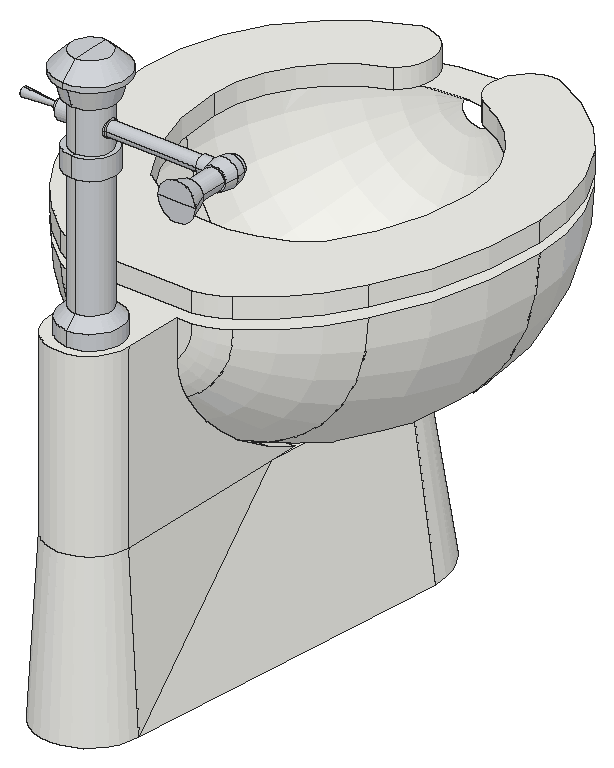
Revit family
Parameters (values of type "17" Seat Height")
  CL W/C = 1' - 6"
  Assembly Code = "D2010110"
  Mounting Height = 1' - 5"
  Piping Material = Metal - Steel, Polished
  Toilet - Bowl Material = Porcelain - Ivory
  Toilet - Seat Material = Laminate - Ivory,Matte
Reference planes (in)
  plane 1: y = 0
  plane 2 "Center L/R": x = 15.94107
  plane 3 "Back": y = 2
  plane 4: y = 31
  plane 5 "Top of Bowl": z = 17.5
  plane 6 "Top of Seat": z = 19
  plane 7: z = 34.75
  plane 8: z = 36
  plane 9: z = 39
  plane 10: z = 57
  plane 11: y = 14
  plane 12: y = 5
  plane 13: z = 7.59282
Forms (in)
  Revolve 1, solid, material "Porcelain - Ivory" <- "Toilet - Bowl Material"
    sketch origin (0, 0, 17.5) x (1, 0, 0) y (0, 1, 0)
      loop
        arc (25.94107, 21) -> (23.01214, 28.07107) -> (15.94107, 31) r 10
        line (15.94107, 31) -> (15.94107, 29)
        arc (15.94107, 29) -> (21.59792, 26.65685) -> (23.94107, 21) r 8
        arc (23.94107, 21) -> (23.47864, 17.23384) -> (22.11884, 13.69143) r 15.56765
        arc (22.11884, 13.69143) -> (20.82437, 11.81481) -> (19.13571, 10.28321) r 9.92133
        arc (19.13571, 10.28321) -> (18.85596, 10.1212) -> (18.55031, 10.0159) r 1.67623
        line (18.55031, 10.0159) -> (15.94107, 10.0159) -> (15.94107, 8.0159) -> (18.74036, 8.0159)
        arc (18.74036, 8.0159) -> (19.55758, 8.24589) -> (20.30025, 8.65722) r 3.67623
        arc (20.30025, 8.65722) -> (22.32932, 10.49756) -> (23.88473, 12.75249) r 11.92133
        arc (23.88473, 12.75249) -> (25.41923, 16.75) -> (25.94107, 21) r 17.56765
      axis (15.94107, 31) -> (15.94107, 8.0159)
    angle from 0 to 180
  Extrusion 2, solid, material "Laminate - Ivory,Matte" <- "Toilet - Seat Material"
    sketch origin (0, 0, 0) x (1, 0, 0) y (0, 1, 0)
      loop
        arc (13.68332, 27.09529) -> (14.31211, 29.1944) -> (12.46762, 30.37737) r 1.82051
        arc (12.46762, 30.37737) -> (7.73331, 26.71251) -> (5.94107, 21) r 10
        arc (5.94107, 21) -> (6.4629, 16.75) -> (7.99741, 12.75249) r 17.56765
        arc (7.99741, 12.75249) -> (9.55282, 10.49756) -> (11.58189, 8.65722) r 11.92133
        arc (11.58189, 8.65722) -> (12.32456, 8.24589) -> (13.14177, 8.0159) r 3.67623
        line (13.14177, 8.0159) -> (18.74036, 8.0159)
        arc (18.74036, 8.0159) -> (19.55758, 8.24589) -> (20.30025, 8.65722) r 3.67623
        arc (20.30025, 8.65722) -> (22.32932, 10.49756) -> (23.88473, 12.75249) r 11.92133
        arc (23.88473, 12.75249) -> (25.41923, 16.75) -> (25.94107, 21) r 17.56765
        arc (25.94107, 21) -> (24.14883, 26.71251) -> (19.41452, 30.37737) r 10
        arc (19.41452, 30.37737) -> (17.57002, 29.1944) -> (18.19881, 27.09529) r 1.82051
        arc (18.19881, 27.09529) -> (21.27611, 24.71313) -> (22.44107, 21) r 6.5
        arc (22.44107, 21) -> (21.88994, 17.49449) -> (20.28972, 14.32721) r 11.42407
        arc (20.28972, 14.32721) -> (15.94107, 12.74468) -> (11.59242, 14.32721) r 6.7661
        arc (11.59242, 14.32721) -> (9.9922, 17.49449) -> (9.44107, 21) r 11.42407
        arc (9.44107, 21) -> (10.60603, 24.71313) -> (13.68332, 27.09529) r 6.5
    from 18 to 19
  Blend 3, solid, material "Porcelain - Ivory" <- "Toilet - Bowl Material"
    base sketch origin (0, 0, 0) x (1, 0, 0) y (0, 1, 0)
      loop
        line (11.94107, 21.93567) -> (13.44107, 5)
        arc (13.44107, 5) -> (15.94107, 2.5) -> (18.44107, 5) r 2.5
        line (18.44107, 5) -> (19.94107, 21.93567)
        arc (19.94107, 21.93567) -> (15.94107, 25.93567) -> (11.94107, 21.93567) r 4
    top sketch origin (0, 0, 0) x (1, 0, 0) y (0, 1, 0)
      loop
        arc (13.94118, 5.02089) -> (15.94106, 3) -> (17.94096, 5.02087) r 2
        line (17.94096, 5.02087) -> (17.94096, 14) -> (18.64383, 21.93567)
        arc (18.64383, 21.93567) -> (15.94107, 24.63842) -> (13.23831, 21.93567) r 2.70276
        line (13.23831, 21.93567) -> (13.94118, 14) -> (13.94118, 5.02089)
    from 0 to 8.40106
  Extrusion 4, solid, material "Porcelain - Ivory" <- "Toilet - Bowl Material"
    sketch origin (0, 0, 0) x (1, 0, 0) y (0, 1, 0)
      loop
        arc (13.94118, 5.02089) -> (15.94106, 3) -> (17.94096, 5.02087) r 2
        line (17.94096, 5.02087) -> (17.94096, 8.0159) -> (13.94118, 8.0159) -> (13.94118, 5.02089)
    from 7.59282 to 17.5
  Extrusion 5, solid, material "Porcelain - Ivory" <- "Toilet - Bowl Material"
    sketch origin (15.94107, 0, 0) x (0, -1, 0) y (0, 0, 1)
      loop
        line (-8.0159, 17.5) -> (-8.33656, 17.5)
        arc (-8.33656, 17.5) -> (-8.43094, 15.32731) -> (-8.94018, 13.21304) r 11.28881
        arc (-8.94018, 13.21304) -> (-11.19895, 10.78592) -> (-14, 9.01191) r 12.94973
        arc (-14, 9.01191) -> (-17.12385, 7.95184) -> (-20.40306, 7.59282) r 15.15512
        line (-20.40306, 7.59282) -> (-8.0159, 7.59282) -> (-8.0159, 17.5)
    from -1.99989 to 1.99989
  Revolve 6, solid
    sketch origin (16.02382, 2, 7.5) x (0, 1, 0) y (0, 0, -1)
      loop
        line (4.5, -10) -> (3, -10) -> (3, -22.85687) -> (3.96967, -22.85687) -> (4.75, -22.07654) -> (4.75, -21.82654) -> (4.5, -21.82654) -> (4.21967, -20.78033) -> (3.96967, -20.78033) -> (3.96967, -18.53033) -> (4.21967, -18.53033) -> (4.21967, -17.53033) -> (3.96967, -17.53033) -> (3.96967, -11.28033) -> (4.5, -10.75) -> (4.5, -10)
      axis (3, -10) -> (3, -22.85687)
    angle from 0 to 360
  Revolve 7, solid
    sketch origin (75.54672, 5, 10.25) x (1, 0, 0) y (0, 0, -1)
      loop
        line (-60.19234, -17.50197) -> (-60.19234, -16.97581) -> (-62.96486, -16.97581) -> (-62.96486, -17.15039) -> (-62.91665, -17.1986) -> (-61.28578, -17.08456) -> (-61.19234, -17.08456) -> (-61.19234, -17.25197) -> (-60.94234, -17.25197) -> (-60.94234, -17.50197) -> (-60.19234, -17.50197)
      axis (-60.19234, -16.97581) -> (-62.96486, -16.97581)
    angle from 0 to 360
  Revolve 8, solid
    sketch origin (15.54672, -3.17113, 27.11833) x (0, 1, 0) y (-1, 0, 0)
      loop
        line (5.17113, -7.22711) -> (8.92113, -7.22711) -> (8.92113, -6.72711) -> (8.67113, -6.72711) -> (8.67113, -6.61776) -> (8.17113, -6.5296) -> (7.52889, -6.64284) -> (7.52889, -6.72711) -> (6.03452, -6.72711) -> (6.03452, -6.5873) -> (5.17113, -6.27305) -> (5.17113, -7.22711)
      axis (8.92113, -7.22711) -> (5.17113, -7.22711)
    angle from 0 to 360
  Revolve 9, solid
    sketch origin (15.54672, -3, 27.11833) x (0, 1, 0) y (-1, 0, 0)
      loop
        line (8, -0.87925) -> (8, -6.72711) -> (8.41634, -6.72711) -> (8.41634, -6.12442) -> (8.3608, -6.12442) -> (8.3608, -1.5025) -> (8.41634, -1.5025) -> (8.41634, -0.87925) -> (8, -0.87925)
      axis (8, -6.72711) -> (8, -0.87925)
    angle from 0 to 360
Cuts and joins
  joined: Revolve 1, Blend 3, Extrusion 4, Extrusion 5
Lines and regions (in)
  Masking region 1
    outline origin (0, 0, 17.5) x (1, 0, 0) y (0, 1, 0)
      loop
        arc (25.94107, 21) -> (23.01214, 28.07107) -> (15.94107, 31) r 10
        arc (15.94107, 31) -> (8.87, 28.07107) -> (5.94107, 21) r 10
        arc (5.94107, 21) -> (6.4629, 16.75) -> (7.99741, 12.75249) r 17.56765
        arc (7.99741, 12.75249) -> (9.55282, 10.49756) -> (11.58189, 8.65722) r 11.92133
        arc (11.58189, 8.65722) -> (12.32456, 8.24589) -> (13.14177, 8.0159) r 3.67623
        line (13.14177, 8.0159) -> (13.94118, 8.0159) -> (13.94118, 5.02089)
        arc (13.94118, 5.02089) -> (15.94106, 3) -> (17.94096, 5.02087) r 2
        line (17.94096, 5.02087) -> (17.94096, 8.0159) -> (18.74036, 8.0159)
        arc (18.74036, 8.0159) -> (19.55758, 8.24589) -> (20.30025, 8.65722) r 3.67623
        arc (20.30025, 8.65722) -> (22.32932, 10.49756) -> (23.88473, 12.75249) r 11.92133
        arc (23.88473, 12.75249) -> (25.41923, 16.75) -> (25.94107, 21) r 17.56765
  Masking region 2
    outline origin (15.94107, 0, 0) x (0, -1, 0) y (0, 0, 1)
      loop
        arc (-31, 17.5) -> (-29.29265, 11.92714) -> (-24.77977, 8.23856) r 10.05209
        line (-24.77977, 8.23856) -> (-25.93567, 0) -> (-2.5, 0) -> (-3, 8.40106) -> (-3, 17.5) -> (-8.0159, 17.5) -> (-8.0159, 18.5)
        arc (-8.0159, 18.5) -> (-8.16234, 18.85355) -> (-8.5159, 19) r 0.5
        line (-8.5159, 19) -> (-29.87737, 19)
        arc (-29.87737, 19) -> (-30.23093, 18.85355) -> (-30.37737, 18.5) r 0.5
        line (-30.37737, 18.5) -> (-30.37737, 18) -> (-30.37737, 17.5) -> (-31, 17.5)
  Masking region 3
    outline origin (0, 2, 0) x (1, 0, 0) y (0, 0, 1)
      loop
        line (19.94107, 0) -> (18.80783, 7.47368)
        arc (18.80783, 7.47368) -> (23.99864, 11.33785) -> (25.97452, 17.5) r 10.59684
        line (25.97452, 17.5) -> (20.71798, 17.5) -> (20.71798, 18) -> (25.94107, 18) -> (25.94107, 18.5)
        arc (25.94107, 18.5) -> (25.79462, 18.85355) -> (25.44107, 19) r 0.5
        line (25.44107, 19) -> (6.44107, 19)
        arc (6.44107, 19) -> (6.08752, 18.85355) -> (5.94107, 18.5) r 0.5
        line (5.94107, 18.5) -> (5.94107, 18) -> (11.16416, 18) -> (11.16416, 17.5) -> (5.95365, 17.5)
        arc (5.95365, 17.5) -> (7.746, 11.28875) -> (12.97977, 7.49403) r 9.93839
        line (12.97977, 7.49403) -> (11.94107, 0) -> (19.94107, 0)
  symbolic lines
    curve 1: arc (13.68332, 27.09529, 0) -> (10.60603, 24.71313, 0) -> (9.44107, 21, 0) r 6.5
    curve 2: arc (22.44107, 21, 0) -> (21.27611, 24.71313, 0) -> (18.19881, 27.09529, 0) r 6.5
    curve 3: arc (18.19881, 27.09529, 0) -> (17.57002, 29.1944, 0) -> (19.41452, 30.37737, 0) r 1.82051
    curve 4: arc (13.68332, 27.09529, 0) -> (14.31211, 29.1944, 0) -> (12.46762, 30.37737, 0) r 1.82051
    curve 5: arc (20.28972, 14.32721, 0) -> (15.94107, 12.74468, 0) -> (11.59242, 14.32721, 0) r 6.7661
    curve 6: arc (9.44107, 21, 0) -> (9.9922, 17.49449, 0) -> (11.59242, 14.32721, 0) r 11.42407
    curve 7: arc (22.44107, 21, 0) -> (21.88994, 17.49449, 0) -> (20.28972, 14.32721, 0) r 11.42407
    curve 8: arc (14.40244, 28.85065, 0) -> (15.94107, 29, 0) -> (17.47969, 28.85065, 0) r 8
    curve 9: line (13.94118, 8.0159, 0) -> (17.94096, 8.0159, 0)
    curve 10: line (15.94107, 30.38256, 18) -> (15.94107, 8.0159, 18)
    curve 11: line (15.94107, 30.37737, 17.5) -> (15.94107, 8.0159, 17.5)
    curve 12: arc (15.94107, 24.77977, 8.23856) -> (15.94107, 19.31861, 7.63167) -> (15.94107, 14, 9.01191) r 15.15512
    curve 13: arc (15.94107, 14, 9.01191) -> (15.94107, 11.00771, 10.94785) -> (15.94107, 8.65647, 13.62617) r 12.94973
    curve 14: arc (15.94107, 8.65647, 13.62617) -> (15.94107, 7.92483, 15.49506) -> (15.94107, 8.0159, 17.5) r 4.83047
    curve 15: line (20.71798, 2, 18) -> (11.16416, 2, 18)
    curve 16: line (20.71798, 2, 17.5) -> (11.16416, 2, 17.5)
    curve 17: line (14.42546, 2, 18.5) -> (14.42546, 2, 18)
    curve 18: line (17.45667, 2, 18.5) -> (17.45667, 2, 18)
    curve 19: arc (17.45667, 2, 18.5) -> (17.60312, 2, 18.85355) -> (17.95667, 2, 19) r 0.5
    curve 20: arc (14.42546, 2, 18.5) -> (14.27902, 2, 18.85355) -> (13.92546, 2, 19) r 0.5
    curve 21: arc (18.83585, 2, 7.47399) -> (15.94107, 2, 7.7133) -> (13.04629, 2, 7.47399) r 17.62797
Text (in)
  text "Placement Side" at (0, 40.15149, 123.01588), in view "Right"
  text "Placement Side, matches cursor" at (-17.1253, 78.60534, 0), in view "Floor Line"
  text "Placement Side" at (0, 43.93343, 75.28441), in view "Left"
Dimensions and locks (in)
  plane 6 "Top of Seat" to level = 1' - 7"
  locked: plane 6 "Top of Seat" to plane 5 "Top of Bowl" at 1.5
  locked: plane 3 "Back" to plane 4 at 29
  locked: plane 12 to plane 3 "Back" at 3
  Blend 3 to level = 0' - 8.40106"
  level to plane 6 "Top of Seat" = 1' - 7"
  level to plane 8 = 3' - 0"
  aligned and locked: plane 3 "Back" to host wall
  aligned and locked: Revolve 1 sketch curve to plane 2 "Center L/R"
  aligned and locked: plane 6 "Top of Seat" to Extrusion 2
  aligned and locked: Blend 3 to level
  aligned and locked: Extrusion 4 to plane 5 "Top of Bowl"
  aligned and locked: Extrusion 4 to Extrusion 5 sketch curve
  aligned and locked: cut or joined group of Revolve 1, Blend 3, Extrusion 4, Extrusion 5 to Extrusion 5
  aligned and locked: Masking region 2 sketch curve to cut or joined group of Revolve 1, Blend 3, Extrusion 4, Extrusion 5  (x4)
  aligned and locked: Extrusion 2 to Masking region 2 sketch curve
  aligned and locked: Masking region 2 sketch curve to Extrusion 2
  aligned and locked: Masking region 2 sketch curve to plane 5 "Top of Bowl"
  aligned and locked: curve 10 to Extrusion 2
  aligned and locked: curve 11 to Masking region 2
  aligned and locked: Masking region 3 sketch curve to cut or joined group of Revolve 1, Blend 3, Extrusion 4, Extrusion 5  (x2)
  aligned and locked: Extrusion 2 to Masking region 3 sketch curve  (x3)
  aligned and locked: cut or joined group of Revolve 1, Blend 3, Extrusion 4, Extrusion 5 to curve 16
  aligned and locked: curve 9 to Masking region 1
  aligned and locked: Masking region 3 sketch curve to curve 15
Automatic sketch dimensions
  Revolve 1 sketch curve to Revolve 1 sketch curve = 0' - 0"  (x15)
  Revolve 1 sketch curve to plane 2 "Center L/R" = 0' - 0"  (x2)
  Revolve 1 sketch curve to plane 4 = 0' - 0"  (x2)
  plane 2 "Center L/R" to Revolve 1 sketch curve = 0' - 2.58224"
  Revolve 1 sketch curve to Revolve 1 sketch curve = 0' - 4.98541"
  Revolve 1 sketch curve to plane 2 "Center L/R" = 0' - 2.79929"
  Revolve 1 sketch curve to plane 2 "Center L/R" = 0' - 2.60924"
  Revolve 1 sketch curve to Revolve 1 sketch curve = 0' - 0 25/64"
  Revolve 1 sketch curve to Revolve 1 sketch curve = 0' - 0.5854"
  Revolve 1 sketch curve to Revolve 1 sketch curve = 0' - 1.55988"
  Revolve 1 sketch curve to Revolve 1 sketch curve = 0' - 6.20361"
  Extrusion 2 sketch curve to plane 2 "Center L/R" = 0' - 0"  (x2)
  plane 2 "Center L/R" to Extrusion 2 sketch curve = 0' - 2.25774"
  Extrusion 2 sketch curve to Extrusion 2 sketch curve = 0' - 1.07837"  (x2)
  plane 4 to Extrusion 2 sketch curve = 0' - 0.62263"  (x2)
  Extrusion 2 sketch curve to Extrusion 2 sketch curve = 0' - 0.13734"  (x2)
  Extrusion 2 sketch curve to Extrusion 2 sketch curve = 0' - 0"  (x19)
  Extrusion 2 sketch curve to Extrusion 2 sketch curve = 0' - 1.57593"  (x2)
  Extrusion 2 sketch curve to Extrusion 2 sketch curve = 0' - 1.06765"  (x2)
  Extrusion 2 sketch curve to Extrusion 2 sketch curve = 0' - 3.59502"
  plane 2 "Center L/R" to Extrusion 2 sketch curve = 0' - 2.58224"
  Extrusion 2 sketch curve to Extrusion 2 sketch curve = 0' - 1.55988"  (x2)
  Extrusion 2 sketch curve to Extrusion 2 sketch curve = 0' - 0.64132"
  plane 2 "Center L/R" to Extrusion 2 sketch curve = 0' - 2.21862"
  Extrusion 2 sketch curve to plane 2 "Center L/R" = 0' - 2.21862"
  Extrusion 2 sketch curve to Extrusion 2 sketch curve = 0' - 2.43235"
  Extrusion 2 sketch curve to plane 2 "Center L/R" = 0' - 2.25774"
  Revolve 1 sketch curve to plane 11 = 0' - 0.30857"
  Revolve 1 sketch curve to Revolve 1 sketch curve = 0' - 3.95915"
  plane 11 to Extrusion 2 sketch curve = 0' - 0.32721"
  Extrusion 2 sketch curve to Extrusion 2 sketch curve = 0' - 2.13002"
  Extrusion 2 sketch curve to Extrusion 2 sketch curve = 0' - 2.14055"
  Extrusion 2 sketch curve to plane 11 = 0' - 1.24751"
  Extrusion 2 sketch curve to plane 2 "Center L/R" = 0' - 2.58224"
  Extrusion 2 sketch curve to Extrusion 2 sketch curve = 0' - 2.34183"
  Extrusion 2 sketch curve to Extrusion 2 sketch curve = 0' - 1.48921"
  Blend 3 sketch curve to plane 12 = 0' - 0"  (x2)
  Blend 3 sketch curve to plane 2 "Center L/R" = 0' - 0"  (x4)
  plane 2 "Center L/R" to Blend 3 sketch curve = 0' - 2 1/2"
  plane 2 "Center L/R" to Blend 3 sketch curve = 0' - 4"
  plane 11 to Blend 3 sketch curve = 0' - 7.93567"  (x2)
  Extrusion 4 sketch curve to plane 2 "Center L/R" = 0' - 0"
  Extrusion 4 sketch curve to plane 12 = 0' - 0"
  plane 12 to Extrusion 4 sketch curve = 0' - 0.02089"
  plane 12 to Extrusion 4 sketch curve = 0' - 0.02087"
  plane 2 "Center L/R" to Extrusion 4 sketch curve = 0' - 1.99989"
  plane 12 to Extrusion 4 sketch curve = 0' - 3.0159"
  Extrusion 5 sketch curve to Extrusion 5 sketch curve = 0' - 0.92428"
  plane 11 to Extrusion 5 sketch curve = 0' - 6.40306"
  plane 5 "Top of Bowl" to Extrusion 5 sketch curve = 0' - 0.59869"
  Extrusion 5 sketch curve to Extrusion 5 sketch curve = 0' - 0.32066"
  Blend 3 sketch curve to plane 11 = 0' - 0"  (x2)
  Blend 3 sketch curve to Blend 3 sketch curve = 0' - 0.70287"
  plane 12 to Blend 3 sketch curve = 0' - 0.02087"
  plane 2 "Center L/R" to Blend 3 sketch curve = 0' - 1.99989"
  plane 12 to Blend 3 sketch curve = 0' - 0.02089"
  curve 1 to curve 2 = 0' - 0"
  curve 1 to curve 8 = 0' - 0"  (x2)
  curve 2 to curve 8 = 0' - 0"
  curve 5 to plane 2 "Center L/R" = 0' - 0"
  curve 2 to plane 2 "Center L/R" = 0' - 0"
  plane 2 "Center L/R" to curve 8 = 0' - 1.53863"
  plane 2 "Center L/R" to curve 9 = 0' - 1.99989"
  curve 4 to curve 8 = 0' - 0.71912"
  curve 4 to curve 4 = 0' - 1.07837"
  plane 4 to curve 4 = 0' - 0.62263"
  curve 4 to curve 4 = 0' - 0.13734"
  plane 11 to curve 5 = 0' - 0.32721"  (x2)
  plane 2 "Center L/R" to curve 5 = 0' - 4.34865"
  curve 7 to curve 1 = 0' - 4.92407"
  curve 6 to curve 7 = 0' - 1.57593"
  curve 1 to curve 6 = 0' - 0"
  curve 8 to plane 2 "Center L/R" = 0' - 1.53863"
  curve 9 to plane 2 "Center L/R" = 0' - 1.99989"
  curve 8 to curve 2 = 0' - 0.71912"
  curve 3 to curve 3 = 0' - 1.07837"
  plane 4 to curve 3 = 0' - 0.62263"
  curve 3 to curve 3 = 0' - 0.13734"
  curve 6 to curve 2 = 0' - 1.57593"
  curve 5 to curve 1 = 0' - 1.48921"
  curve 20 to plane 6 "Top of Seat" = 0' - 0"
  curve 21 to plane 2 "Center L/R" = 0' - 0"
  curve 19 to plane 6 "Top of Seat" = 0' - 0"
  curve 17 to plane 5 "Top of Bowl" = 0' - 0 1/2"
  plane 2 "Center L/R" to curve 17 = 0' - 1 33/64"
  curve 20 to curve 20 = 0' - 0 1/2"
  plane 2 "Center L/R" to curve 21 = 0' - 2.89478"
  curve 16 to curve 20 = 0' - 2.7613"
  curve 15 to curve 16 = 0' - 0"
  curve 19 to plane 6 "Top of Seat" = 0' - 0 1/2"
  curve 19 to plane 2 "Center L/R" = 0' - 1 33/64"
  curve 21 to plane 2 "Center L/R" = 0' - 2.89478"
  curve 19 to curve 15 = 0' - 2.7613"
  curve 16 to curve 15 = 0' - 0"
  level to curve 21 = 0' - 7.47399"
  curve 21 to level = 0' - 9.91467"
  Masking region 2 sketch curve to plane 4 = 0' - 0"
  Masking region 2 sketch curve to plane 6 "Top of Seat" = 0' - 0 1/2"  (x2)
  plane 4 to Masking region 2 sketch curve = 0' - 5.06433"
  plane 4 to Masking region 2 sketch curve = 0' - 6.22023"
  Masking region 2 sketch curve to plane 5 "Top of Bowl" = 0' - 0.03165"
  plane 11 to Masking region 2 sketch curve = 0' - 6.94796"
  host wall to Masking region 2 sketch curve = 0' - 1"
  host wall to Masking region 2 sketch curve = 0' - 0 1/2"
  Masking region 2 sketch curve to Masking region 2 sketch curve = 0' - 0 1/2"
  curve 12 to plane 11 = 0' - 0"
  curve 13 to plane 11 = 0' - 0"
  plane 6 "Top of Seat" to curve 13 = 0' - 1.74906"
  plane 11 to curve 13 = 0' - 5.47128"
  curve 12 to curve 13 = 0' - 0.93178"
  plane 4 to curve 12 = 0' - 6.22023"
  plane 4 to curve 11 = 0' - 0.62263"
  curve 10 to curve 11 = 0' - 0.00519"
  curve 14 to plane 11 = 0' - 1.30942"
  plane 12 to curve 14 = 0' - 3.65647"
  curve 13 to curve 14 = 0' - 0"
  curve 11 to curve 10 = 0' - 0"
  Masking region 1 sketch curve to Masking region 1 sketch curve = 0' - 0"  (x6)
  Masking region 1 sketch curve to plane 2 "Center L/R" = 0' - 0"  (x2)
  Masking region 1 sketch curve to plane 12 = 0' - 0"
  Masking region 1 sketch curve to plane 4 = 0' - 0"
  plane 2 "Center L/R" to Masking region 1 sketch curve = 0' - 1.99989"
  plane 2 "Center L/R" to Masking region 1 sketch curve = 0' - 2.21862"
  plane 2 "Center L/R" to Masking region 1 sketch curve = 0' - 2.58224"
  Masking region 1 sketch curve to Masking region 1 sketch curve = 0' - 0.7994"  (x2)
  Masking region 1 sketch curve to Masking region 1 sketch curve = 0' - 1.55988"  (x2)
  Masking region 1 sketch curve to Masking region 1 sketch curve = 0' - 4.98541"
  Masking region 1 sketch curve to plane 11 = 0' - 1.24751"  (x2)
  Masking region 1 sketch curve to Masking region 1 sketch curve = 0' - 3.58449"  (x2)
  Masking region 1 sketch curve to Masking region 1 sketch curve = 0' - 2.43235"
  plane 12 to Masking region 1 sketch curve = 0' - 0.02087"
  Masking region 1 sketch curve to plane 2 "Center L/R" = 0' - 1.99989"
  Masking region 1 sketch curve to plane 2 "Center L/R" = 0' - 2.21862"
  Masking region 1 sketch curve to plane 2 "Center L/R" = 0' - 2.58224"
  curve 14 to curve 10 = 0' - 0.64058"
  Extrusion 5 sketch curve to plane 13 = 0' - 0"
  Extrusion 5 sketch curve to plane 5 "Top of Bowl" = 0' - 0"
  Extrusion 5 sketch curve to Extrusion 5 sketch curve = 0' - 0.1382"
  plane 13 to Extrusion 5 sketch curve = 0' - 1.41909"
  Extrusion 5 sketch curve to plane 11 = 0' - 0"
  Extrusion 5 sketch curve to Extrusion 5 sketch curve = 0' - 0.93178"
  plane 13 to Extrusion 5 sketch curve = 0' - 0"
  Extrusion 5 sketch curve to Extrusion 5 sketch curve = 0' - 0"
  Masking region 3 sketch curve to plane 5 "Top of Bowl" = 0' - 0"
  Masking region 3 sketch curve to Masking region 3 sketch curve = 0' - 0.01259"
  Masking region 3 sketch curve to Masking region 3 sketch curve = 0' - 0 1/2"  (x2)
  plane 2 "Center L/R" to Masking region 3 sketch curve = 0' - 4"
  plane 2 "Center L/R" to Masking region 3 sketch curve = 0' - 2.9613"
  plane 2 "Center L/R" to Masking region 3 sketch curve = 0' - 0.56339"
  plane 2 "Center L/R" to Masking region 3 sketch curve = 0' - 0.06161"
  Masking region 3 sketch curve to plane 2 "Center L/R" = 0' - 2.86676"
  Masking region 3 sketch curve to plane 2 "Center L/R" = 0' - 4"
  Masking region 3 sketch curve to plane 5 "Top of Bowl" = 0' - 0 1/2"
  Masking region 3 sketch curve to plane 2 "Center L/R" = 0' - 4.77691"
  Masking region 3 sketch curve to plane 6 "Top of Seat" = 0' - 0 1/2"
  Masking region 3 sketch curve to Masking region 3 sketch curve = 0' - 0.03345"
  Revolve 6 sketch curve to plane 5 "Top of Bowl" = 0' - 0"  (x2)
  Revolve 6 sketch curve to plane 12 = 0' - 0"
  Revolve 6 sketch curve to Revolve 6 sketch curve = 0' - 0"
  plane 12 to Revolve 6 sketch curve = 0' - 0.96967"  (x3)
  plane 12 to Revolve 6 sketch curve = 0' - 1.21967"  (x2)
  plane 12 to Revolve 6 sketch curve = 0' - 1 1/2"  (x2)
  Revolve 6 sketch curve to Revolve 6 sketch curve = 0' - 0 1/4"  (x2)
  Revolve 6 sketch curve to Revolve 6 sketch curve = 0' - 0 3/4"
  Revolve 6 sketch curve to plane 6 "Top of Seat" = 0' - 0.21967"
  plane 6 "Top of Seat" to Revolve 6 sketch curve = 0' - 3.13167"
  Revolve 6 sketch curve to Revolve 6 sketch curve = 0' - 2.89866"
  Revolve 6 sketch curve to Revolve 6 sketch curve = 0' - 1"
  Revolve 6 sketch curve to Revolve 6 sketch curve = 0' - 2 1/4"
  Revolve 6 sketch curve to Revolve 6 sketch curve = 0' - 1.04621"
  Revolve 6 sketch curve to Revolve 6 sketch curve = 0' - 1.03033"
  plane 2 "Center L/R" to Revolve 7 sketch curve = 0' - 3.35921"
  Revolve 7 sketch curve to Revolve 7 sketch curve = 0' - 0.04821"  (x2)
  Revolve 7 sketch curve to Revolve 7 sketch curve = 0' - 0.90779"
  Revolve 7 sketch curve to Revolve 7 sketch curve = 0' - 0.72308"
  Revolve 7 sketch curve to Revolve 7 sketch curve = 0' - 0.09344"
  Revolve 7 sketch curve to Revolve 7 sketch curve = 0' - 0 1/4"  (x2)
  Revolve 7 sketch curve to Revolve 7 sketch curve = 0' - 0.43348"
  Revolve 7 sketch curve to Revolve 7 sketch curve = 0' - 0.31652"
  Revolve 7 sketch curve to plane 7 = 0' - 6.99803"
  Revolve 7 sketch curve to Revolve 7 sketch curve = 0' - 0.05337"
  Revolve 7 sketch curve to Revolve 7 sketch curve = 0' - 0.16741"
  Revolve 7 sketch curve to Revolve 7 sketch curve = 0' - 0.17458"
  Revolve 7 sketch curve to Revolve 7 sketch curve = 0' - 0"
  host wall to Revolve 8 sketch curve = 0' - 0"
  host wall to Revolve 8 sketch curve = 0' - 0.86338"
  Revolve 8 sketch curve to Revolve 8 sketch curve = 0' - 1.49437"
  Revolve 8 sketch curve to Revolve 8 sketch curve = 0' - 0.64225"
  Revolve 8 sketch curve to Revolve 8 sketch curve = 0' - 0.10465"
  Revolve 8 sketch curve to Revolve 8 sketch curve = 0' - 0 1/2"  (x3)
  Revolve 8 sketch curve to Revolve 8 sketch curve = 0' - 0.39535"
  Revolve 8 sketch curve to Revolve 8 sketch curve = 0' - 0 1/4"
  Revolve 8 sketch curve to plane 2 "Center L/R" = 0' - 6.83276"
  Revolve 8 sketch curve to Revolve 8 sketch curve = 0' - 0"
  Revolve 8 sketch curve to Revolve 8 sketch curve = 0' - 0.08427"
  Revolve 8 sketch curve to Revolve 8 sketch curve = 0' - 0.10935"
  Revolve 8 sketch curve to Revolve 8 sketch curve = 0' - 0.13981"
  Revolve 8 sketch curve to Revolve 8 sketch curve = 0' - 0.08816"
  Revolve 8 sketch curve to Revolve 8 sketch curve = 0' - 0.31424"
  Revolve 9 sketch curve to plane 12 = 0' - 0"
  Revolve 9 sketch curve to Revolve 9 sketch curve = 0' - 0"
  Revolve 9 sketch curve to Revolve 9 sketch curve = 0' - 0.3608"
  Revolve 9 sketch curve to Revolve 9 sketch curve = 0' - 0.05554"  (x2)
  Revolve 9 sketch curve to plane 2 "Center L/R" = 0' - 6.33276"
  Revolve 9 sketch curve to Revolve 9 sketch curve = 0' - 0 1/4"
  Revolve 9 sketch curve to Revolve 9 sketch curve = 0' - 0.35269"
  Revolve 9 sketch curve to Revolve 9 sketch curve = 0' - 0.39731"
  Revolve 9 sketch curve to plane 2 "Center L/R" = 0' - 1.10814"
  Revolve 9 sketch curve to Revolve 9 sketch curve = 0' - 0.62325"
  Revolve 1 sketch curve to Revolve 1 sketch curve = 0' - 1.82223"
